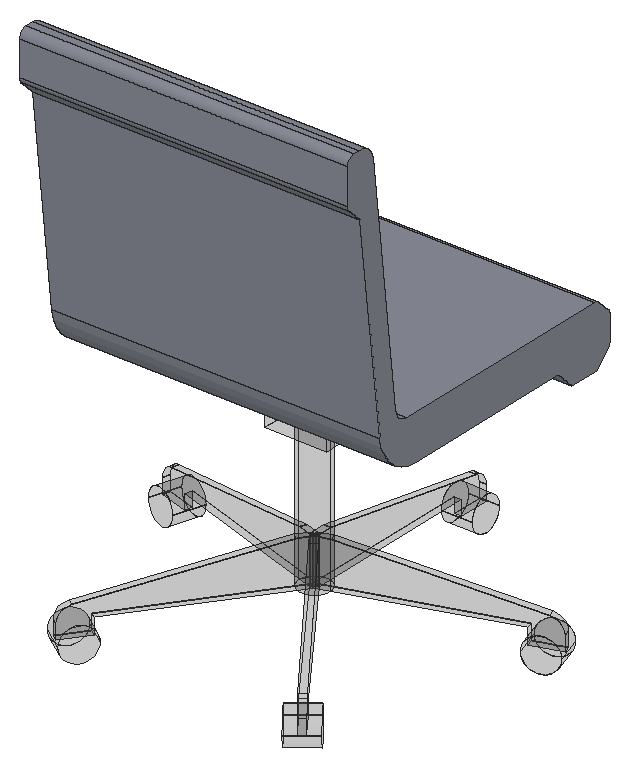
Revit family
Parameters (values of type "Chair-Task")
  Assembly Code = "E2020200"
  Base Material = Plastic - Black
  Caster Material = Plastic - Black
  Seat/Back Material = Textile - Slate Blue
Reference planes (m)
  plane 1 "Center (Front/Back)": y = 0.018946
  plane 2: z = 0
  plane 3: y = -0.323954
  plane 4: y = 0.361846
  plane 5: z = 0.889
  plane 6: z = 0.4572
  plane 7: x = 0.140991
  plane 8: x = 0.458491
  plane 9: x = -0.176509
  plane 10: y = -0.247754
  plane 11: z = 0.8136
  plane 12: y = 0.285646
  plane 13: y = 0.260246
  plane 14: z = 0.3818
  plane 15: y = -0.222354
  plane 16: z = 0.7374
  plane 17: z = 0.3056
  plane 18: x = 0.191791
  plane 19: x = 0.090191
Forms (m)
  Extrusion 1, solid, material "Textile - Slate Blue" <- "Seat/Back Material"
    sketch origin (-0.176509, 0, 0.25) x (0, -1, 0) y (0, 0, 1)
      loop
        arc (-0.25501, 0.4572) -> (-0.259851, 0.456241) -> (-0.26396, 0.45351) r 0.0127
        line (-0.26396, 0.45351) -> (-0.281896, 0.435694)
        arc (-0.281896, 0.435694) -> (-0.284671, 0.431563) -> (-0.285646, 0.426684) r 0.0127
        line (-0.285646, 0.426684) -> (-0.285646, 0.391641)
        arc (-0.285646, 0.391641) -> (-0.283729, 0.38196) -> (-0.278266, 0.37374) r 0.0254
        line (-0.278266, 0.37374) -> (-0.260247, 0.3556) -> (-0.209447, 0.3556) -> (-0.181074, 0.383784) -> (0.107109, 0.383784)
        arc (0.107109, 0.383784) -> (0.157745, 0.403041) -> (0.182787, 0.45108) r 0.0762
        line (0.182787, 0.45108) -> (0.222354, 0.7874) -> (0.244034, 0.80908)
        arc (0.244034, 0.80908) -> (0.246787, 0.8132) -> (0.247754, 0.818061) r 0.0127
        line (0.247754, 0.818061) -> (0.247754, 0.8763)
        arc (0.247754, 0.8763) -> (0.244034, 0.88528) -> (0.235054, 0.889) r 0.0127
        line (0.235054, 0.889) -> (0.222179, 0.889)
        arc (0.222179, 0.889) -> (0.2053, 0.882581) -> (0.196953, 0.866568) r 0.0254
        line (0.196953, 0.866568) -> (0.151431, 0.479632)
        arc (0.151431, 0.479632) -> (0.143084, 0.463619) -> (0.126205, 0.4572) r 0.0254
        line (0.126205, 0.4572) -> (-0.25501, 0.4572)
    from -0.0508 to -0.5842
  Extrusion 2, solid, material "Plastic - Black" <- "Base Material"
    sketch origin (0.191791, 0, 0.25) x (0, -1, 0) y (0, 0, 1)
      loop
        line (0.019154, 0.383784) -> (-0.069746, 0.383784) -> (-0.069746, 0.371084) -> (-0.018946, 0.283095) -> (0.019154, 0.283095) -> (0.019154, 0.383784)
    from 0 to 0.1016
  Extrusion 3, solid, material "Plastic - Black" <- "Base Material"
    sketch origin (0.140991, 0, 0.25) x (0, 1, 0) y (0, 0, 1)
      loop
        line (0.018946, 0.053584) -> (0.311046, 0.053584) -> (0.311046, 0.028184) -> (0.361846, 0.028184) -> (0.361846, 0.052487)
        arc (0.361846, 0.052487) -> (0.355903, 0.068813) -> (0.340857, 0.077501) r 0.0254
        line (0.340857, 0.077501) -> (0.044346, 0.129784) -> (0.018946, 0.129784) -> (0.018946, 0.053584)
    from 0.00635 to -0.00635
  Extrusion 4, solid, material "Plastic - Black" <- "Caster Material"
    sketch origin (0.140991, 0, 0.25) x (0, 1, 0) y (0, 0, 1)
      loop
        circle (0.336446, 0.028184) r 0.0282
    from 0.0254 to -0.0254
  Extrusion 5, solid, material "Plastic - Black" <- "Base Material"
    sketch origin (0.159009, 0.013091, 0.25) x (-0.951057, 0.309017, 0) y (0, 0, 1)
      loop
        line (0.018946, 0.053584) -> (0.311046, 0.053584) -> (0.311046, 0.028184) -> (0.361846, 0.028184) -> (0.361846, 0.052487)
        arc (0.361846, 0.052487) -> (0.355903, 0.068813) -> (0.340857, 0.077501) r 0.0254
        line (0.340857, 0.077501) -> (0.044346, 0.129784) -> (0.018946, 0.129784) -> (0.018946, 0.053584)
    from 0.00635 to -0.00635
  Extrusion 6, solid, material "Plastic - Black" <- "Caster Material"
    sketch origin (0.159009, 0.013091, 0.25) x (-0.951057, 0.309017, 0) y (0, 0, 1)
      loop
        circle (0.336446, 0.028184) r 0.0282
    from 0.0254 to -0.0254
  Extrusion 7, solid, material "Plastic - Black" <- "Base Material"
    sketch origin (0.152127, 0.034273, 0.25) x (-0.587785, -0.809017, 0) y (0, 0, 1)
      loop
        line (0.018946, 0.053584) -> (0.311046, 0.053584) -> (0.311046, 0.028184) -> (0.361846, 0.028184) -> (0.361846, 0.052487)
        arc (0.361846, 0.052487) -> (0.355903, 0.068813) -> (0.340857, 0.077501) r 0.0254
        line (0.340857, 0.077501) -> (0.044346, 0.129784) -> (0.018946, 0.129784) -> (0.018946, 0.053584)
    from 0.00635 to -0.00635
  Extrusion 8, solid, material "Plastic - Black" <- "Caster Material"
    sketch origin (0.152127, 0.034273, 0.25) x (-0.587785, -0.809017, 0) y (0, 0, 1)
      loop
        circle (0.336446, 0.028184) r 0.0282
    from 0.0254 to -0.0254
  Extrusion 9, solid, material "Plastic - Black" <- "Base Material"
    sketch origin (0.129855, 0.034273, 0.25) x (0.587785, -0.809017, 0) y (0, 0, 1)
      loop
        line (0.018946, 0.053584) -> (0.311046, 0.053584) -> (0.311046, 0.028184) -> (0.361846, 0.028184) -> (0.361846, 0.052487)
        arc (0.361846, 0.052487) -> (0.355903, 0.068813) -> (0.340857, 0.077501) r 0.0254
        line (0.340857, 0.077501) -> (0.044346, 0.129784) -> (0.018946, 0.129784) -> (0.018946, 0.053584)
    from 0.00635 to -0.00635
  Extrusion 10, solid, material "Plastic - Black" <- "Caster Material"
    sketch origin (0.129855, 0.034273, 0.25) x (0.587785, -0.809017, 0) y (0, 0, 1)
      loop
        circle (0.336446, 0.028184) r 0.0282
    from 0.0254 to -0.0254
  Extrusion 11, solid, material "Plastic - Black" <- "Base Material"
    sketch origin (0.122972, 0.013091, 0.25) x (0.951057, 0.309017, 0) y (0, 0, 1)
      loop
        line (0.018946, 0.053584) -> (0.311046, 0.053584) -> (0.311046, 0.028184) -> (0.361846, 0.028184) -> (0.361846, 0.052487)
        arc (0.361846, 0.052487) -> (0.355903, 0.068813) -> (0.340857, 0.077501) r 0.0254
        line (0.340857, 0.077501) -> (0.044346, 0.129784) -> (0.018946, 0.129784) -> (0.018946, 0.053584)
    from 0.00635 to -0.00635
  Extrusion 12, solid, material "Plastic - Black" <- "Caster Material"
    sketch origin (0.122972, 0.013091, 0.25) x (0.951057, 0.309017, 0) y (0, 0, 1)
      loop
        circle (0.336446, 0.028184) r 0.0282
    from 0.0254 to -0.0254
  Extrusion 13, solid, material "Plastic - Black" <- "Base Material"
    sketch origin (0, 0, 0.25) x (1, 0, 0) y (0, 1, 0)
      loop
        circle (0.140991, 0.018946) r 0.0254
    from 0.053584 to 0.384175
Lines and regions (m)
  Masking region 1
    outline origin (0, 0, 0) x (1, 0, 0) y (0, 1, 0)
      loop
        line (-0.125709, 0.285646) -> (-0.125709, -0.247754) -> (0.407691, -0.247754) -> (0.407691, 0.285646) -> (-0.125709, 0.285646)
  symbolic lines
    curve 1: line (-0.100309, -0.247754, 0) -> (0.382291, -0.247754, 0)
    curve 2: line (-0.125709, -0.222354, 0) -> (-0.125709, -0.177005, 0)
    curve 3: line (-0.074909, -0.126205, 0) -> (0.356891, -0.126205, 0)
    curve 4: line (0.407691, -0.222354, 0) -> (0.407691, -0.177005, 0)
    curve 5: arc (-0.074909, -0.126205, 0) -> (-0.11083, -0.141084, 0) -> (-0.125709, -0.177005, 0) r 0.0508
    curve 6: arc (0.356891, -0.126205, 0) -> (0.392812, -0.141084, 0) -> (0.407691, -0.177005, 0) r 0.0508
    curve 7: arc (-0.125709, -0.222354, 0) -> (-0.11827, -0.240315, 0) -> (-0.100309, -0.247754, 0) r 0.0254
    curve 8: arc (0.407691, -0.222354, 0) -> (0.400251, -0.240315, 0) -> (0.382291, -0.247754, 0) r 0.0254
Dimensions and locks (m)
  equal spacing: plane 3, plane 1 "Center (Front/Back)", plane 4
  plane 3 to plane 4 = 0.6858 m
  equal spacing: plane 9, plane 7, plane 8
Automatic sketch dimensions
  curve 7 to plane 9 = 0.0508 m
  curve 7 to curve 7 = 0.0254 m
  curve 2 to curve 5 = 0.0508 m
  plane 8 to curve 6 = 0.1016 m
  curve 6 to curve 8 = 0.0254 m
  curve 8 to curve 4 = 0.0254 m
  curve 1 to plane 3 = 0.0762 m
  curve 8 to curve 6 = 0.045349 m
  Masking region 1 sketch curve to plane 9 = 0.0508 m
  plane 8 to Masking region 1 sketch curve = 0.0508 m
  Masking region 1 sketch curve to plane 3 = 0.0762 m
  plane 4 to Masking region 1 sketch curve = 0.0762 m
  Extrusion 1 sketch curve to plane 12 = 0 m
  Extrusion 1 sketch curve to plane 13 = 0 m
  Extrusion 1 sketch curve to plane 15 = 0 m
  Extrusion 1 sketch curve to plane 10 = 0 m
  Extrusion 1 sketch curve to plane 12 = 0.00375 m
  Extrusion 1 sketch curve to plane 12 = 0.00738 m
  Extrusion 1 sketch curve to plane 12 = 0.0127 m
  plane 13 to Extrusion 1 sketch curve = 0.003715 m
  plane 13 to Extrusion 1 sketch curve = 0.000001 m
  Extrusion 1 sketch curve to plane 13 = 0.005236 m
  Extrusion 1 sketch curve to plane 13 = 0.050799 m
  Extrusion 1 sketch curve to Extrusion 1 sketch curve = 0.028373 m
  plane 15 to Extrusion 1 sketch curve = 0.115245 m
  Extrusion 1 sketch curve to Extrusion 1 sketch curve = 0.019096 m
  Extrusion 1 sketch curve to plane 16 = 0.007768 m
  Extrusion 1 sketch curve to Extrusion 1 sketch curve = 0.025226 m
  plane 15 to Extrusion 1 sketch curve = 0.039567 m
  plane 15 to Extrusion 1 sketch curve = 0.025401 m
  plane 15 to Extrusion 1 sketch curve = 0.000175 m
  Extrusion 1 sketch curve to Extrusion 1 sketch curve = 0.0127 m
  plane 10 to Extrusion 1 sketch curve = 0.0127 m
  plane 10 to Extrusion 1 sketch curve = 0.00372 m
  Extrusion 1 sketch curve to plane 16 = 0.027416 m
  Extrusion 1 sketch curve to plane 16 = 0.0302 m
  Extrusion 1 sketch curve to Extrusion 1 sketch curve = 0.00369 m
  Extrusion 1 sketch curve to plane 16 = 0.03632 m
  Extrusion 1 sketch curve to Extrusion 1 sketch curve = 0.017816 m
  Extrusion 1 sketch curve to Extrusion 1 sketch curve = 0.035043 m
  Extrusion 1 sketch curve to Extrusion 1 sketch curve = 0.01814 m
  Extrusion 1 sketch curve to plane 5 = 0.1484 m
  Extrusion 1 sketch curve to Extrusion 1 sketch curve = 0.02168 m
  Extrusion 1 sketch curve to Extrusion 1 sketch curve = 0.045539 m
  Extrusion 1 sketch curve to Extrusion 1 sketch curve = 0.002968 m
  Extrusion 2 sketch curve to plane 1 "Center (Front/Back)" = 0 m
  Extrusion 2 sketch curve to plane 1 "Center (Front/Back)" = 0.0508 m
  plane 1 "Center (Front/Back)" to Extrusion 2 sketch curve = 0.0381 m
  Extrusion 2 sketch curve to plane 6 = 0.075895 m
  Extrusion 2 sketch curve to Extrusion 2 sketch curve = 0.087988 m
  Extrusion 2 sketch curve to Extrusion 2 sketch curve = 0.0127 m
  Extrusion 3 sketch curve to plane 1 "Center (Front/Back)" = 0 m
  Extrusion 3 sketch curve to plane 4 = 0 m
  Extrusion 3 sketch curve to Extrusion 3 sketch curve = 0.0254 m
  plane 4 to Extrusion 3 sketch curve = 0.0508 m
  plane 4 to Extrusion 3 sketch curve = 0.0254 m
  plane 4 to Extrusion 3 sketch curve = 0.020989 m
  plane 6 to Extrusion 3 sketch curve = 0.179016 m
  Extrusion 3 sketch curve to Extrusion 3 sketch curve = 0.024303 m
  plane 6 to Extrusion 3 sketch curve = 0.153616 m
  plane 6 to Extrusion 3 sketch curve = 0.077416 m
  Extrusion 4 sketch curve to Extrusion 4 sketch curve = 0 m  (x2)
  plane 4 to Extrusion 4 sketch curve = 0.0536 m
  plane 4 to Extrusion 4 sketch curve = 0.0254 m
  plane 6 to Extrusion 4 sketch curve = 0.179016 m
  plane 6 to Extrusion 5 sketch curve = 0.153616 m
  Extrusion 5 sketch curve to Extrusion 5 sketch curve = 0.0254 m  (x3)
  plane 6 to Extrusion 5 sketch curve = 0.179016 m
  Extrusion 5 sketch curve to Extrusion 5 sketch curve = 0.2667 m
  plane 6 to Extrusion 5 sketch curve = 0.129699 m
  Extrusion 5 sketch curve to Extrusion 5 sketch curve = 0.004411 m
  plane 6 to Extrusion 5 sketch curve = 0.077416 m
  Extrusion 6 sketch curve to Extrusion 6 sketch curve = 0 m  (x2)
  plane 6 to Extrusion 6 sketch curve = 0.179016 m
  Extrusion 6 sketch curve to Extrusion 6 sketch curve = 0.0282 m
  plane 6 to Extrusion 7 sketch curve = 0.153616 m
  Extrusion 7 sketch curve to Extrusion 7 sketch curve = 0.0254 m  (x3)
  plane 6 to Extrusion 7 sketch curve = 0.179016 m
  Extrusion 7 sketch curve to Extrusion 7 sketch curve = 0.2667 m
  plane 6 to Extrusion 7 sketch curve = 0.129699 m
  Extrusion 7 sketch curve to Extrusion 7 sketch curve = 0.004411 m
  plane 6 to Extrusion 7 sketch curve = 0.077416 m
  Extrusion 8 sketch curve to Extrusion 8 sketch curve = 0 m  (x2)
  plane 6 to Extrusion 8 sketch curve = 0.179016 m
  Extrusion 8 sketch curve to Extrusion 8 sketch curve = 0.0282 m
  plane 6 to Extrusion 9 sketch curve = 0.153616 m
  Extrusion 9 sketch curve to Extrusion 9 sketch curve = 0.0254 m  (x3)
  plane 6 to Extrusion 9 sketch curve = 0.179016 m
  Extrusion 9 sketch curve to Extrusion 9 sketch curve = 0.2667 m
  plane 6 to Extrusion 9 sketch curve = 0.129699 m
  Extrusion 9 sketch curve to Extrusion 9 sketch curve = 0.004411 m
  plane 6 to Extrusion 9 sketch curve = 0.077416 m
  Extrusion 10 sketch curve to Extrusion 10 sketch curve = 0 m  (x2)
  plane 6 to Extrusion 10 sketch curve = 0.179016 m
  Extrusion 10 sketch curve to Extrusion 10 sketch curve = 0.0282 m
  plane 6 to Extrusion 11 sketch curve = 0.153616 m
  Extrusion 11 sketch curve to Extrusion 11 sketch curve = 0.0254 m  (x3)
  plane 6 to Extrusion 11 sketch curve = 0.179016 m
  Extrusion 11 sketch curve to Extrusion 11 sketch curve = 0.2667 m
  plane 6 to Extrusion 11 sketch curve = 0.129699 m
  Extrusion 11 sketch curve to Extrusion 11 sketch curve = 0.004411 m
  plane 6 to Extrusion 11 sketch curve = 0.077416 m
  Extrusion 12 sketch curve to Extrusion 12 sketch curve = 0 m  (x2)
  plane 6 to Extrusion 12 sketch curve = 0.179016 m
  Extrusion 12 sketch curve to Extrusion 12 sketch curve = 0.0282 m
  Extrusion 13 sketch curve to Extrusion 13 sketch curve = 0 m  (x2)
  plane 1 "Center (Front/Back)" to Extrusion 13 sketch curve = 0 m
  Extrusion 13 sketch curve to plane 7 = 0 m
  Extrusion 13 sketch curve to Extrusion 13 sketch curve = 0.0254 m
